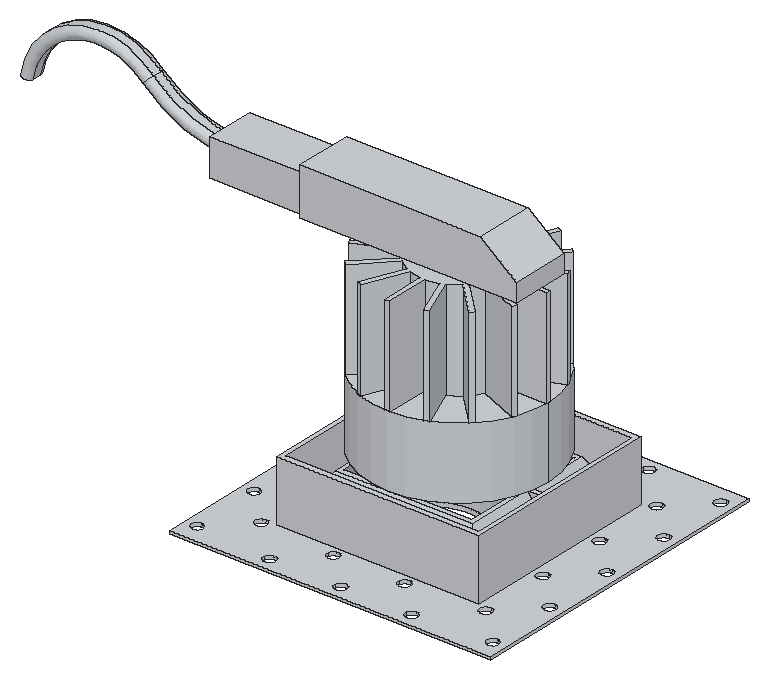
Revit family "Alcon-14073-WW-Revit-Family", category Lighting Fixtures, host Ceiling, Revit 2021
Family settings
  Host = Ceiling
  Round Connector Dimension = Use Diameter
  Part Type = Normal
  Always vertical = Yes
  Cut with Voids When Loaded = Yes
  Light Source = Yes
  Shared = No
  Room Calculation Point = No
Parameters (values of type "Type 1")
  Wattage = 9.2903 W
  built-in parameter 1150110 = 1 (stored number, unit not read)
  built-in parameter 1114217 = 1 (stored number, unit not read)
  Tilt Angle = 60.00°
  built-in parameter 1150109 = 1 (stored number, unit not read)
  built-in parameter 1150134 = 3
  built-in parameter 1150113 = 1 (stored number, unit not read)
  built-in parameter 1010507 = 1.5708 (stored number, unit not read)
  built-in parameter 1010506 = 0.5236 (stored number, unit not read)
  Reflector = none
  Product Identity = "Alcon Lighting 14073-WW"
  Manufacturer = "Alcon Light"
  built-in parameter 1150105 = 4614.1 (stored number, unit not read)
  Lumens = 1380 lm
  built-in parameter 1150115 = 1 (stored number, unit not read)
  Link To Product Page = "https://www.alconlighting.com/14073-ww-illusione-wall-wash-trimless.html"
  Light Source Symbol Length = 10' - 0"
  Light Source = none
  built-in parameter 1150137 = (empty or 0)
  built-in parameter 1150139 = (empty or 0)
  built-in parameter 1150112 = 1 (stored number, unit not read)
  built-in parameter 1150114 = 1 (stored number, unit not read)
  built-in parameter 1150132 = (empty or 0)
  built-in parameter 1150102 = (empty or 0)
  built-in parameter 1150107 = 3200 (stored number, unit not read)
  built-in parameter 1150138 = (empty or 0)
  built-in parameter 1150106 = 46.141 (stored number, unit not read)
  Housing = none
  built-in parameter 1150104 = 13.8 (stored number, unit not read)
  Driver = none
  Dimming Lamp Color Temperature Shift = <None>
  Default Elevation = 0' - 0"
  Color Filter = 16777215
  built-in parameter 1114218 = 1 (stored number, unit not read)
  built-in parameter 1150133 = 10 (stored number, unit not read)
Reference planes (in)
  plane 1 "Center (Front/Back)": y = 0
  plane 2: z = 0
  plane 3 "Center (Left/Right)": x = 0
  plane 4 "Ceiling": z = 157.480315
Forms (in)
  Extrusion 1, solid, material <- "Housing"
    sketch origin (0, 0, 157.542815) x (0, 1, 0) y (-1, 0, 0)
      loop
        line (1.3125, 1.3125) -> (-1.3125, 1.3125) -> (-1.3125, -1.3125) -> (1.3125, -1.3125) -> (1.3125, 1.3125)
      loop
        circle (-1.9375, 2.0135553) r 0.0833333
      loop
        line (2.1875, 2.1875) -> (-2.1875, 2.1875) -> (-2.1875, -2.1875) -> (2.1875, -2.1875) -> (2.1875, 2.1875)
      loop
        circle (-0.96875, 2.0135553) r 0.0833333
      loop
        circle (0, 2.0135553) r 0.0833333
      loop
        circle (0.96875, 2.0135553) r 0.0833333
      loop
        circle (1.9375, 2.0135553) r 0.0833333
      loop
        circle (-1.453125, 1.5291803) r 0.0833333
      loop
        circle (-0.484375, 1.5291803) r 0.0833333
      loop
        circle (0.484375, 1.5291803) r 0.0833333
      loop
        circle (1.453125, 1.5291803) r 0.0833333
      loop
        circle (-1.9375, -2.0135553) r 0.0833333
      loop
        circle (-0.96875, -2.0135553) r 0.0833333
      loop
        circle (0, -2.0135553) r 0.0833333
      loop
        circle (0.96875, -2.0135553) r 0.0833333
      loop
        circle (1.9375, -2.0135553) r 0.0833333
      loop
        circle (-1.453125, -1.5291803) r 0.0833333
      loop
        circle (-0.484375, -1.5291803) r 0.0833333
      loop
        circle (0.484375, -1.5291803) r 0.0833333
      loop
        circle (1.453125, -1.5291803) r 0.0833333
      loop
        circle (-2.0135553, -0.96875) r 0.0833333
      loop
        circle (-2.0135553, 0) r 0.0833333
      loop
        circle (-2.0135553, 0.96875) r 0.0833333
      loop
        circle (-1.5291803, -0.484375) r 0.0833333
      loop
        circle (-1.5291803, 0.484375) r 0.0833333
      loop
        circle (2.0135553, -0.96875) r 0.0833333
      loop
        circle (2.0135553, 0) r 0.0833333
      loop
        circle (2.0135553, 0.96875) r 0.0833333
      loop
        circle (1.5291803, -0.484375) r 0.0833333
      loop
        circle (1.5291803, 0.484375) r 0.0833333
    from 0 to 0.0393701
  Extrusion 2, solid, material <- "Housing"
    sketch origin (0, 0, 99.703421) x (1, 0, 0) y (0, 1, 0)
      loop
        arc (-0.4340708, 1.1347502) -> (-0.4649368, 1.1224568) -> (-0.4954552, 1.109324) r 1.2149385
        line (-0.4954552, 1.109324) -> (-0.2676398, 0.5593291)
        arc (-0.2676398, 0.5593291) -> (-0.3444894, 0.5155649) -> (-0.4143314, 0.4613129) r 0.6200646
        line (-0.4143314, 0.4613129) -> (-0.8352792, 0.8822608)
        arc (-0.8352792, 0.8822608) -> (-0.8590912, 0.8590912) -> (-0.8822608, 0.8352792) r 1.2149385
        line (-0.8822608, 0.8352792) -> (-0.4613129, 0.4143314)
        arc (-0.4613129, 0.4143314) -> (-0.5155649, 0.3444894) -> (-0.5593291, 0.2676398) r 0.6200646
        line (-0.5593291, 0.2676398) -> (-1.109324, 0.4954552)
        arc (-1.109324, 0.4954552) -> (-1.1224568, 0.4649368) -> (-1.1347502, 0.4340708) r 1.2149385
        line (-1.1347502, 0.4340708) -> (-0.5847553, 0.2062555)
        arc (-0.5847553, 0.2062555) -> (-0.6081502, 0.1209686) -> (-0.619174, 0.033221) r 0.6200646
        line (-0.619174, 0.033221) -> (-1.2144842, 0.033221)
        arc (-1.2144842, 0.033221) -> (-1.2149385, 0) -> (-1.2144842, -0.033221) r 1.2149385
        line (-1.2144842, -0.033221) -> (-0.619174, -0.033221)
        arc (-0.619174, -0.033221) -> (-0.6081502, -0.1209686) -> (-0.5847553, -0.2062555) r 0.6200646
        line (-0.5847553, -0.2062555) -> (-1.1347502, -0.4340708)
        arc (-1.1347502, -0.4340708) -> (-1.1224568, -0.4649368) -> (-1.109324, -0.4954552) r 1.2149385
        line (-1.109324, -0.4954552) -> (-0.5593291, -0.2676398)
        arc (-0.5593291, -0.2676398) -> (-0.5155649, -0.3444894) -> (-0.4613129, -0.4143314) r 0.6200646
        line (-0.4613129, -0.4143314) -> (-0.8822608, -0.8352792)
        arc (-0.8822608, -0.8352792) -> (-0.8590912, -0.8590912) -> (-0.8352792, -0.8822608) r 1.2149385
        line (-0.8352792, -0.8822608) -> (-0.4143314, -0.4613129)
        arc (-0.4143314, -0.4613129) -> (-0.3444894, -0.5155649) -> (-0.2676398, -0.5593291) r 0.6200646
        line (-0.2676398, -0.5593291) -> (-0.4954552, -1.109324)
        arc (-0.4954552, -1.109324) -> (-0.4649368, -1.1224568) -> (-0.4340708, -1.1347502) r 1.2149385
        line (-0.4340708, -1.1347502) -> (-0.2062555, -0.5847553)
        arc (-0.2062555, -0.5847553) -> (-0.1209686, -0.6081502) -> (-0.033221, -0.619174) r 0.6200646
        line (-0.033221, -0.619174) -> (-0.033221, -1.2144842)
        arc (-0.033221, -1.2144842) -> (0, -1.2149385) -> (0.033221, -1.2144842) r 1.2149385
        line (0.033221, -1.2144842) -> (0.033221, -0.619174)
        arc (0.033221, -0.619174) -> (0.1209686, -0.6081502) -> (0.2062555, -0.5847553) r 0.6200646
        line (0.2062555, -0.5847553) -> (0.4340708, -1.1347502)
        arc (0.4340708, -1.1347502) -> (0.4649368, -1.1224568) -> (0.4954552, -1.109324) r 1.2149385
        line (0.4954552, -1.109324) -> (0.2676398, -0.5593291)
        arc (0.2676398, -0.5593291) -> (0.3444894, -0.5155649) -> (0.4143314, -0.4613129) r 0.6200646
        line (0.4143314, -0.4613129) -> (0.8352792, -0.8822608)
        arc (0.8352792, -0.8822608) -> (0.8590912, -0.8590912) -> (0.8822608, -0.8352792) r 1.2149385
        line (0.8822608, -0.8352792) -> (0.4613129, -0.4143314)
        arc (0.4613129, -0.4143314) -> (0.5155649, -0.3444894) -> (0.5593291, -0.2676398) r 0.6200646
        line (0.5593291, -0.2676398) -> (1.109324, -0.4954552)
        arc (1.109324, -0.4954552) -> (1.1224568, -0.4649368) -> (1.1347502, -0.4340708) r 1.2149385
        line (1.1347502, -0.4340708) -> (0.5847553, -0.2062555)
        arc (0.5847553, -0.2062555) -> (0.6081502, -0.1209686) -> (0.619174, -0.033221) r 0.6200646
        line (0.619174, -0.033221) -> (1.2144842, -0.033221)
        arc (1.2144842, -0.033221) -> (1.2149385, 0) -> (1.2144842, 0.033221) r 1.2149385
        line (1.2144842, 0.033221) -> (0.619174, 0.033221)
        arc (0.619174, 0.033221) -> (0.6081502, 0.1209686) -> (0.5847553, 0.2062555) r 0.6200646
        line (0.5847553, 0.2062555) -> (1.1347502, 0.4340708)
        arc (1.1347502, 0.4340708) -> (1.1224568, 0.4649368) -> (1.109324, 0.4954552) r 1.2149385
        line (1.109324, 0.4954552) -> (0.5593291, 0.2676398)
        arc (0.5593291, 0.2676398) -> (0.5155649, 0.3444894) -> (0.4613129, 0.4143314) r 0.6200646
        line (0.4613129, 0.4143314) -> (0.8822608, 0.8352792)
        arc (0.8822608, 0.8352792) -> (0.8590912, 0.8590912) -> (0.8352792, 0.8822608) r 1.2149385
        line (0.8352792, 0.8822608) -> (0.4143314, 0.4613129)
        arc (0.4143314, 0.4613129) -> (0.3444894, 0.5155649) -> (0.2676398, 0.5593291) r 0.6200646
        line (0.2676398, 0.5593291) -> (0.4954552, 1.109324)
        arc (0.4954552, 1.109324) -> (0.4649368, 1.1224568) -> (0.4340708, 1.1347502) r 1.2149385
        line (0.4340708, 1.1347502) -> (0.2062555, 0.5847553)
        arc (0.2062555, 0.5847553) -> (0.1209686, 0.6081502) -> (0.033221, 0.619174) r 0.6200646
        line (0.033221, 0.619174) -> (0.033221, 1.2144842)
        arc (0.033221, 1.2144842) -> (0, 1.2149385) -> (-0.033221, 1.2144842) r 1.2149385
        line (-0.033221, 1.2144842) -> (-0.033221, 0.619174)
        arc (-0.033221, 0.619174) -> (-0.1209686, 0.6081502) -> (-0.2062555, 0.5847553) r 0.6200646
        line (-0.2062555, 0.5847553) -> (-0.4340708, 1.1347502)
    from 59.6769753 to 61.0268939
  Revolve 3, solid, material <- "Housing"
    sketch origin (0, 0, 0) x (1, 0, 0) y (0, 0, 1)
      loop
        line (0, 159.2859494) -> (0, 159.3803964) -> (-1.21875, 159.3803964) -> (-1.21875, 158.4114085) -> (-1.1440311, 158.4114085) -> (-1.1440311, 159.2859494) -> (0, 159.2859494)
      axis (0, 158.4114085) -> (0, 159.3803964)
    angle from 0 to 360
  Extrusion 4, void
    sketch origin (0, 0, 157.480315) x (0, 1, 0) y (-1, 0, 0)
      loop
        line (-1.3125, 1.3125) -> (-1.3125, -1.3125) -> (1.3125, -1.3125) -> (1.3125, 1.3125) -> (-1.3125, 1.3125)
    from -0.2222308 to 0.9310936
  Extrusion 5, solid, material <- "Driver"
    sketch origin (0.246063, 0, 98.3284461) x (-1, 0, 0) y (0, 0, -1)
      loop
        line (-0.8611692, -62.4018689) -> (-0.8611692, -62.6465325) -> (-0.3742556, -63.0408274) -> (2.0993175, -63.0408274) -> (2.0993175, -62.4018689) -> (-0.8611692, -62.4018689)
    from -0.3984375 to 0.4
  Extrusion 6, solid, material <- "Driver"
    sketch origin (-1.8532545, 0, 161.3082413) x (0, 0, -1) y (0, -1, 0)
      loop
        line (0.0625, -0.3359375) -> (0.565633, -0.3359375) -> (0.565633, 0.3375) -> (0.0625, 0.3375) -> (0.0625, -0.3359375)
      loop
        line (0.503133, -0.2734375) -> (0.503133, 0.275) -> (0.125, 0.275) -> (0.125, -0.2734375) -> (0.503133, -0.2734375)
    from 0 to 1.2669809
  Sweep 7, solid, material <- "Driver"
    path origin (1.433563, 0, 98.3284461) x (-1, 0, 0) y (0, 0, -1)
      loop
        line (2.7953482, -62.6657287) -> (4.4323506, -62.6657287)
        arc (4.4323506, -62.6657287) -> (5.0573506, -62.7872164) -> (5.5913304, -63.133987) r 1.668417
        arc (5.5913304, -63.133987) -> (6.5859715, -63.363618) -> (7.2556793, -62.5932072) r 0.9909988
    profile origin (-2.1802864, 0, 160.9941748) x (0, 0, -1) y (0, -1, 0)
      loop
        arc (0.0796915, 0.0625) -> (0, 0.1421915) -> (-0.0796915, 0.0625) r 0.0796915
        line (-0.0796915, 0.0625) -> (-0.0796915, -0.0625)
        arc (-0.0796915, -0.0625) -> (0, -0.1421915) -> (0.0796915, -0.0625) r 0.0796915
        line (0.0796915, -0.0625) -> (0.0796915, 0.0625)
  Extrusion 8, solid, material <- "Housing"
    sketch origin (0, 0, 157.480315) x (0, 1, 0) y (-1, 0, 0)
      loop
        line (1.3125, 1.3125) -> (-1.3125, 1.3125) -> (-1.3125, -1.3125) -> (1.3125, -1.3125) -> (1.3125, 1.3125)
      loop
        line (1.375, 1.375) -> (-1.375, 1.375) -> (-1.375, -1.375) -> (1.375, -1.375) -> (1.375, 1.375)
    from 0.1018701 to 0.9310936
  Extrusion 9, solid, material <- "Housing"
    sketch origin (0, 0, 157.480315) x (0, 1, 0) y (-1, 0, 0)
      loop
        line (1.3125, 1.3125) -> (-1.3125, 1.3125) -> (-1.3125, -1.3125) -> (1.3125, -1.3125) -> (1.3125, 1.3125)
      loop
        line (0, 1.25) -> (-1.25, 1.25) -> (-1.25, -1.25) -> (0, -1.25) -> (0, -0.6200646)
        arc (0, -0.6200646) -> (0.2350197, 0) -> (0, 0.6200646) r 0.9354841
        line (0, 0.6200646) -> (0, 1.25)
    from 0 to 0.0625
  Extrusion 10, solid, material <- "Housing"
    sketch origin (0, 0, 157.480315) x (0, 1, 0) y (-1, 0, 0)
      loop
        line (0, 1.3125) -> (0, 0.6200646)
        arc (0, 0.6200646) -> (0.2350197, 0) -> (0, -0.6200646) r 0.9354841
        line (0, -0.6200646) -> (0, -1.3125) -> (0.0625, -1.3125) -> (0.0625, -0.6433176)
        arc (0.0625, -0.6433176) -> (0.2975197, 0) -> (0.0625, 0.6433176) r 0.9979841
        line (0.0625, 0.6433176) -> (0.0625, 1.3125) -> (0, 1.3125)
    from 0.0625 to 0.7245728
  Sweep 11, solid, material <- "Reflector"
    path origin (0, 0, 157.480315) x (0, 1, 0) y (-1, 0, 0)
      loop
        line (1.25, 1.25) -> (-1.25, 1.25) -> (-1.25, -1.25) -> (1.25, -1.25) -> (1.25, 1.25)
    profile origin (-1.25, 0, 157.480315) x (1, 0, 0) y (0, 0, 1)
      loop
        line (0.3776355, 0.7245728) -> (0.3195305, 0.7245728) -> (-0.035649, 0.1018701) -> (-0.035649, 0.0625) -> (0, 0.0625) -> (0.3776355, 0.7245728)
Lines and regions (in)
  symbolic lines
    curve 1: line (2.1875, 0, 157.542815) -> (2.1875, 0, 157.582185)
    curve 2: line (-2.1875, 0, 157.542815) -> (-2.1875, 0, 157.582185)
Dimensions and locks (in)
  equal spacing: host sketch curve, plane 3 "Center (Left/Right)", host sketch curve
  equal spacing: host sketch curve, plane 1 "Center (Front/Back)", host sketch curve
  host sketch curve to host sketch curve = 13' - 1.48031"  (x2)
  plane 4 "Ceiling" to host ceiling = 0' - 0"
  curve 2 to curve 1 = 0' - 4 3/8"
  plane 4 "Ceiling" to Extrusion 2 = 0' - 3 1/4"
